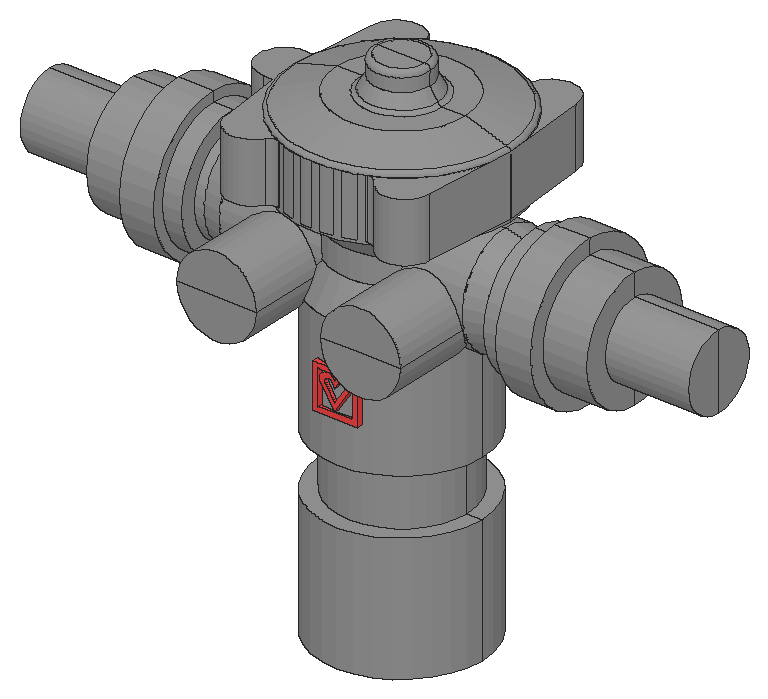
Revit family "Kombiventil 4006_R_SMART_LF_MF", category Rohrzubehör, Revit 2018
Family settings
  Bemaßung runder Anschluss = Durchmesser verwenden
  Teiletyp = Unterbricht
  OmniClass-Nummer = 23.65.55.14
  OmniClass-Titel = Valves for Liquid Services
  Arbeitsebenenbasiert = Nein
  Immer vertikal = Ja
  Beim Laden mit Abzugskörper schneiden = Nein
  Gemeinsam genutzt = Nein
Parameters (values of type "MF")
  min.Betriebstemperatur (reines Wasser) = 2 °C  # constant formula
  min.Betriebstemperatur (Frostschutz) = -20 °C  # constant formula
  max.Betriebstemperatur bis DN32 = 130 °C  # constant formula
  max.Betriebstemperatur ab DN40 = 110 °C  # constant formula
  max.Betriebsdruck = 1600000.0 Pa  # constant formula
  VRL01 = 30.000 mm  # constant formula
  V12 = 17.000 mm  # constant formula
  V10 = 7.000 mm  # constant formula
  V09 [instance] = L06 + 4.000 mm  # 11.000 mm
  V04 [instance] = V08 + 3.000 mm  # 13.000 mm
  V03 [instance] = V08 + 5.000 mm  # 15.000 mm
  V02 [instance] = V01 + 4.500 mm  # 12.000 mm
  V01 [instance] = Nennweite / 2  # 7.500 mm
  URL = "www.herz-armaturen.at"
  Stift = "Edelstahl 14301"  # constant formula
  SCRNSEQ = "ARM;ARM_TYP=\"DURR\";2"
  SCRNCODE = "05;04;02"  # constant formula
  S09 = 10.000 mm
  S08 = 30.000 mm
  S07 [instance] = H03 + 3.700 mm  # 10.051 mm
  S04 [instance] = V03 * 2  # 30.000 mm
  S01 [instance] = L01 + L02 + (VRL01 * 2)  # 135.000 mm
  R17 [instance] = size_lookup("4006R_S_LF_MF", "R17", 12.500 mm, Nennweite)  # 12.500 mm
  R16 [instance] = size_lookup("4006R_S_LF_MF", "R16", 16.500 mm, Nennweite)  # 16.500 mm
  R15 = 7.225 mm  # constant formula
  R14 = 8.070 mm  # constant formula
  R13 = 3.496 mm  # constant formula
  R12 = 6.800 mm  # constant formula
  R11 = 9.620 mm  # constant formula
  R10 = 6.800 mm  # constant formula
  R09 = 16.292 mm  # constant formula
  R08 = 13.212 mm  # constant formula
  R07 = 18.816 mm  # constant formula
  R06 = 22.000 mm  # constant formula
  R05 = 12.954 mm  # constant formula
  R04 = 7.193 mm  # constant formula
  R03 = 5.755 mm  # constant formula
  R02 = 4.670 mm  # constant formula
  R01 [instance] = size_lookup("4006R_S_LF_MF", "R01", 11.000 mm, Nennweite)  # 11.000 mm
  PN = 16  # constant formula
  O-Ringe = "EPDM"  # constant formula
  V08 [instance] = size_lookup("4006R_S_LF_MF", "N2", 10.000 mm, Nennweite)  # 10.000 mm
  Nennweite/2 [instance] = size_lookup("4006R_S_LF_MF", "N1", 8.000 mm, Nennweite)  # 9.000 mm
  Nennweite [instance] = 15.000 mm
  Membrangehäuse = "Messing CW602N"  # constant formula
  Membrane = "EPDM"  # constant formula
  Medium = "Wasserbeschaffenheit nach ÖNORM H 5195 und VDI 2035.\r\nDie Verwendung von Ethylen- und Propylenglykol ist im Mischungsverhältnis 25 - 50 Vol.- [%] zulässig."
  MF [instance] = yes
  LF [instance] = no
  L15 [instance] = size_lookup("4006R_S_LF_MF", "L15", 3.300 mm, Nennweite)  # 3.300 mm
  L14 [instance] = size_lookup("4006R_S_LF_MF", "L14", 43.477 mm, Nennweite)  # 43.477 mm
  L13 [instance] = size_lookup("4006R_S_LF_MF", "L13", 32.232 mm, Nennweite)  # 32.232 mm
  L12 [instance] = size_lookup("4006R_S_LF_MF", "L12", 6.497 mm, Nennweite)  # 6.497 mm
  L11 [instance] = size_lookup("4006R_S_LF_MF", "L11", 5.418 mm, Nennweite)  # 5.418 mm
  L10 [instance] = size_lookup("4006R_S_LF_MF", "L10", 12.434 mm, Nennweite)  # 12.434 mm
  L09 [instance] = size_lookup("4006R_S_LF_MF", "L09", 24.943 mm, Nennweite)  # 24.943 mm
  L08 [instance] = size_lookup("4006R_S_LF_MF", "L08", 28.260 mm, Nennweite)  # 28.260 mm
  L07 [instance] = size_lookup("4006R_S_LF_MF", "L07", 33.915 mm, Nennweite)  # 33.915 mm
  L06 = 7.000 mm  # constant formula
  L05 = 9.000 mm  # constant formula
  L04 = 21.000 mm  # constant formula
  L03 = 28.000 mm  # constant formula
  L02 = 34.000 mm  # constant formula
  L01 = 41.000 mm  # constant formula
  Impulsleitung = "Kupfer Cu-DHP (CW024A)"  # constant formula
  Hub = 4.000 mm  # constant formula
  Hersteller = "Herz-Armaturen GmbH"  # constant formula
  H04 = 12.000 mm  # constant formula
  H03 = 6.351 mm  # constant formula
  H02 [instance] = size_lookup("4006R_S_LF_MF", "H2", 69.000 mm, Nennweite)  # 69.000 mm
  H01 [instance] = size_lookup("4006R_S_LF_MF", "H1", 35.000 mm, Nennweite)  # 35.000 mm
  H [instance] = 112.553 mm  # constant formula
  Gehäuse = "DZR Messing CC770S"  # constant formula
  E20 = 108.221 mm  # constant formula
  E19 = 5.000 mm  # constant formula
  E18 = 5.150 mm  # constant formula
  E17 = 28.850 mm  # constant formula
  E16 = 23.700 mm  # constant formula
  E15 = 21.877 mm  # constant formula
  E14 = 20.506 mm  # constant formula
  E13 = 11.063 mm  # constant formula
  E12 = 9.001 mm  # constant formula
  E11 = 10.700 mm  # constant formula
  E10 = 20.427 mm  # constant formula
  E09 = 20.075 mm  # constant formula
  E08 = 20.825 mm  # constant formula
  E07 = 5.150 mm  # constant formula
  E06 = 17.921 mm  # constant formula
  E05 = 20.519 mm  # constant formula
  E04 = 19.704 mm  # constant formula
  E03 = 18.385 mm  # constant formula
  E02 = 20.014 mm  # constant formula
  E01 = 23.000 mm  # constant formula
  Druckfeder = "Federstahl"  # constant formula
  Bestellnummer Verschraubung [instance] = if(and(LF, Nennweite = 15.000 mm), 1621011, if(and(MF, Nennweite = 15.000 mm), 1621002, 0))  # 1621002
  Bestellnummer [instance] = if(and(LF, Nennweite = 15.000 mm), 1400660, if(and(MF, Nennweite = 15.000 mm), 1400669, 0))  # 1400669
  Bauschutzkappe = "Kunststoff"  # constant formula
  B09 = 7.998 mm  # constant formula
  B08 = 26.000 mm  # constant formula
  B07 = 30.908 mm  # constant formula
  B06 = 39.471 mm  # constant formula
  B05 = 40.933 mm  # constant formula
  B04 = 41.901 mm  # constant formula
  B03 = 44.372 mm  # constant formula
  B02 = 45.400 mm  # constant formula
  B01 = 50.000 mm  # constant formula
  Anwendungsgebiet = "Das Kombiventil wird in allen pumpenbetriebenen Heiz- und Kühlanlagen eingesetzt. Der Regler begrenzt automatisch\r\nden Volumenstrom im gewählten Anlagenteil auf den einmal eingestellten Wert, indem alle Druckschwankungen\r\ngemessen und ausgeregelt werden. Somit sind keine Messungen erforderlich und die Regelung ist bei allen\r\nBetriebsbedingungen effektiv. Das Kombiventil regelt den Volumenstrom der ventileigenen Voreinstellung auf einen\r\nkonstanten Wert; die Membran regelt aufgrund des Druckes unmittelbar nach dem Regeleinsatz, sowie des Druckes\r\ndavor."
Types (3, lengths in mm): name | MF | LF | Bestellnummer Verschraubung | Bestellnummer
  (no name) | yes | no | 1621002 | 1400669
  LF | no | yes | 1621011 | 1400660
  MF | yes | no | 1621002 | 1400669
Reference planes
  plane 1 "Mitte (Vorne/hinten)": y = 0
  plane 2: z = 0
  plane 3 "Mitte (Links/rechts)": x = 0
Forms (mm)
  Revolve 1, solid, material "Messing, weicher Gelbton, geschweißt", detail levels fine
    sketch origin (0, 0, 0) x (1, 0, 0) y (0, 0, 1)
      loop
        line (-41, 9) -> (-34, 9) -> (-34, 0) -> (27, 0) -> (27, 9) -> (34, 9) -> (34, 10) -> (25, 10) -> (21, 11) -> (-28, 11) -> (-32, 10) -> (-41, 10) -> (-41, 9)
      axis (-41, 0) -> (34, 0)
    angle from 0 to 360
  Revolve 2, solid, material "Messing, weicher Gelbton, geschweißt", detail levels fine
    sketch origin (0, 0, 0) x (1, 0, 0) y (0, 0, 1)
      loop
        line (0, -69) -> (16.292, -69) -> (16.292, -43.477) -> (13.212, -43.477) -> (13.212, -32.232) -> (16.292, -32.232) -> (16.292, -6.497) -> (13.212, 0.106) -> (13.212, 5.418) -> (18.816, 12.434) -> (22, 12.434) -> (22, 24.943)
        arc (22, 24.943) -> (21.752, 25.523) -> (21.223, 25.866) r 1.085
        line (21.223, 25.866) -> (12.954, 28.26) -> (8.134, 28.26)
        arc (8.134, 28.26) -> (7.591, 28.406) -> (7.193, 28.803) r 1.086
        line (7.193, 28.803) -> (5.755, 31.294) -> (5.755, 33.915)
        arc (5.755, 33.915) -> (5.437, 34.682) -> (4.67, 35) r 1.085
        line (4.67, 35) -> (0, 35) -> (0, -69)
      axis (0, 35) -> (0, -69)
    angle from 0 to 360
  Extrusion 3, solid, material "Messing, weicher Gelbton, geschweißt", detail levels fine
    sketch origin (0, 0, 28.917) x (1, 0, 0) y (0, 1, 0)
      loop
        arc (-20.506, 17.921) -> (-21.381, 11.556) -> (-21.877, 5.15) r 108.259
        line (-21.877, 5.15) -> (-23.7, 5.15)
        arc (-23.7, 5.15) -> (-27.342, 3.642) -> (-28.85, 0) r 5.15
        arc (-28.85, 0) -> (-27.342, -3.642) -> (-23.7, -5.15) r 5.15
        line (-23.7, -5.15) -> (-21.877, -5.15)
        arc (-21.877, -5.15) -> (-21.356, -11.79) -> (-20.427, -18.385) r 108.259
        arc (-20.427, -18.385) -> (-16.688, -23.223) -> (-11.063, -20.825) r 5
        arc (-11.063, -20.825) -> (-10.143, -20.146) -> (-9.001, -20.075) r 2.019
        arc (-9.001, -20.075) -> (0, -22.001) -> (9.001, -20.075) r 22.001
        arc (9.001, -20.075) -> (10.143, -20.145) -> (11.063, -20.825) r 2.019
        arc (11.063, -20.825) -> (16.688, -23.223) -> (20.427, -18.385) r 5
        arc (20.427, -18.385) -> (22, 0) -> (20.427, 18.385) r 108.221
        arc (20.427, 18.385) -> (16.253, 23.316) -> (10.7, 20.014) r 5
        arc (10.7, 20.014) -> (9.88, 19.699) -> (9.001, 19.704) r 2.379
        arc (9.001, 19.704) -> (0, 21.663) -> (-9.001, 19.704) r 21.663
        arc (-9.001, 19.704) -> (-10.161, 19.785) -> (-11.063, 20.519) r 1.927
        arc (-11.063, 20.519) -> (-16.774, 22.818) -> (-20.506, 17.921) r 5.079
    from -15.973 to -3.973
  Revolve 4, solid, material "Messing, weicher Gelbton, geschweißt", detail levels fine
    sketch origin (0, 0, -3.3) x (1, 0, 0) y (0, 1, 0)
      loop
        line (-16.5, -26) -> (-16.5, -7.998) -> (-24.57, -7.998) -> (-24.57, -26) -> (-16.5, -26)
      axis (-16.5, -7.998) -> (-16.5, -26)
    angle from 0 to 360
  Revolve 5, solid, material "Messing, weicher Gelbton, geschweißt", detail levels fine
    sketch origin (-4, 0, -3.3) x (-1, 0, 0) y (0, -1, 0)
      loop
        line (-16.5, 26) -> (-24.57, 26) -> (-24.57, 7.998) -> (-16.5, 7.998) -> (-16.5, 26)
      axis (-16.5, 7.998) -> (-16.5, 26)
    angle from 0 to 360
  Revolve 6, solid, material "Messing, weicher Gelbton, geschweißt", detail levels fine
    sketch origin (0, 0, 0) x (1, 0, 0) y (0, 0, 1)
      loop
        line (34, 0) -> (64, 0) -> (64, 7.5) -> (47, 7.5) -> (47, 12) -> (38, 12) -> (38, 15) -> (31, 15) -> (31, 13) -> (27, 13) -> (27, 10) -> (34, 10) -> (34, 0)
      axis (27, 0) -> (64, 0)
    angle from 0 to 360
  Revolve 7, solid, material "Messing, weicher Gelbton, geschweißt", detail levels fine
    sketch origin (-7, 0, 0) x (-1, 0, 0) y (0, 0, -1)
      loop
        line (34, 0) -> (34, -10) -> (27, -10) -> (27, -13) -> (31, -13) -> (31, -15) -> (38, -15) -> (38, -12) -> (47, -12) -> (47, -7.5) -> (64, -7.5) -> (64, 0) -> (34, 0)
      axis (27, 0) -> (64, 0)
    angle from 0 to 360
Lines and regions (mm)
  model lines, detail levels coarse+medium
    curve 1: line (67.5, -15, 0) -> (67.5, 15, 0)
    curve 2: line (67.5, 15, 0) -> (-67.5, -15, 0)
    curve 3: line (-67.5, -15, 0) -> (-67.5, 15, 0)
    curve 4: line (-67.5, 15, 0) -> (67.5, -15, 0)
    curve 5: line (-67.5, 14.673, 0) -> (0, -12.434, 0)
    curve 6: line (0, -12.434, 0) -> (67.5, 14.673, 0)
    curve 7: line (0, -12.434, 0) -> (0, -24.949, 0)
    curve 8: spline (-22, -29.974, 0) -> (-21.25, -28.674, 0) -> (-19.053, -27.462, 0) -> (-15.556, -26.421, 0) -> (-11, -25.622, 0) -> (-5.694, -25.12, 0) -> (0, -24.949, 0) -> (5.694, -25.12, 0) -> (11, -25.622, 0) -> (15.556, -26.421, 0) -> (19.053, -27.462, 0) -> (21.25, -28.674, 0) -> (22, -29.975, 0) -> (21.25, -31.275, 0) -> (19.053, -32.487, 0) -> (15.556, -33.528, 0) -> (11, -34.327, 0) -> (5.694, -34.829, 0) -> (0, -35, 0) -> (-5.694, -34.829, 0) -> (-11, -34.327, 0) -> (-15.556, -33.528, 0) -> (-19.053, -32.487, 0) -> (-21.25, -31.275, 0) -> (-22, -29.974, 0)
    curve 9: line (-67.5, 0, 15) -> (-67.5, 0, -15)
    curve 10: line (-67.5, 0, -15) -> (67.5, 0, 15)
    curve 11: line (67.5, 0, 15) -> (67.5, 0, -15)
    curve 12: line (67.5, 0, -15) -> (-67.5, 0, 15)
    curve 13: line (67.5, 0, -14.975) -> (0, 0, 12.434)
    curve 14: line (0, 0, 12.434) -> (-67.5, 0, -15)
    curve 15: line (0, 0, 12.434) -> (0, 0, 24.949)
    curve 16: spline (-22, 0, 29.975) -> (-21.25, 0, 31.275) -> (-19.053, 0, 32.487) -> (-15.556, 0, 33.528) -> (-11, 0, 34.327) -> (-5.694, 0, 34.829) -> (0, 0, 35) -> (5.694, 0, 34.829) -> (11, 0, 34.327) -> (15.556, 0, 33.528) -> (19.053, 0, 32.487) -> (21.25, 0, 31.275) -> (22, 0, 29.974) -> (21.25, 0, 28.674) -> (19.053, 0, 27.462) -> (15.556, 0, 26.421) -> (11, 0, 25.622) -> (5.694, 0, 25.12) -> (0, 0, 24.949) -> (-5.694, 0, 25.12) -> (-11, 0, 25.622) -> (-15.556, 0, 26.421) -> (-19.053, 0, 27.462) -> (-21.25, 0, 28.674) -> (-22, 0, 29.975)
  model lines
    curve 17: line (-67.5, 0, 15) -> (-77.5, 0, 15)
    curve 18: line (-77.5, 0, 15) -> (-67.5, 0, 0)
    curve 19: line (-67.5, 0, -15) -> (-77.5, 0, -15)
    curve 20: line (-77.5, 0, -15) -> (-67.5, 0, 0)
    curve 21: line (-67.5, 0, 0) -> (-97.5, 0, 0)
    curve 22: line (67.5, 0, 15) -> (77.5, 0, 15)
    curve 23: line (77.5, 0, 15) -> (67.5, 0, 0)
    curve 24: line (67.5, 0, 0) -> (97.5, 0, 0)
    curve 25: line (67.5, 0, -15) -> (77.5, 0, -15)
    curve 26: line (77.5, 0, -15) -> (67.5, 0, 0)
Dimensions and locks
  "H02": level to Revolve 2 sketch curve
  "L01": plane 3 "Mitte (Links/rechts)" to Revolve 1 sketch curve
  "V08": Revolve 1 sketch curve to Revolve 1 sketch curve  (x2)
  "Nennweite/2": Revolve 1 sketch curve to Revolve 1 sketch curve  (x2)
  "E01": plane 1 "Mitte (Vorne/hinten)" to Extrusion 3 sketch curve
  "L03": plane 3 "Mitte (Links/rechts)" to Revolve 1 sketch curve
  "L04": Revolve 1 sketch curve to plane 3 "Mitte (Links/rechts)"
  "L05": Revolve 1 sketch curve to Revolve 1 sketch curve  (x2)
  "L06": Revolve 1 sketch curve to Revolve 1 sketch curve  (x2)
  "L02": Revolve 1 sketch curve to plane 3 "Mitte (Links/rechts)"
  "H01": Revolve 2 sketch curve to level
  "R02": Revolve 2 sketch curve to Revolve 2 sketch curve
  "R03": Revolve 2 sketch curve to Revolve 2 sketch curve
  "R04": Revolve 2 sketch curve to Revolve 2 sketch curve
  "R05": Revolve 2 sketch curve to Revolve 2 sketch curve
  "R06": Revolve 2 sketch curve to Revolve 2 sketch curve
  "R07": Revolve 2 sketch curve to Revolve 2 sketch curve
  "R08": Revolve 2 sketch curve to Revolve 2 sketch curve  (x2)
  "R09": Revolve 2 sketch curve to Revolve 2 sketch curve  (x2)
  "L07": Revolve 2 sketch curve to plane 2
  "L08": Revolve 2 sketch curve to plane 2
  "L09": Revolve 2 sketch curve to plane 2
  "L10": Revolve 2 sketch curve to plane 2
  "L11": Revolve 2 sketch curve to plane 2
  "L12": plane 2 to Revolve 2 sketch curve
  "L13": plane 2 to Revolve 2 sketch curve
  "L14": plane 2 to Revolve 2 sketch curve
  "B08": plane 1 "Mitte (Vorne/hinten)" to Revolve 4 sketch curve
  "B09": Revolve 4 sketch curve to plane 1 "Mitte (Vorne/hinten)"
  "E02": plane 1 "Mitte (Vorne/hinten)" to Extrusion 3 sketch curve
  "E03": plane 1 "Mitte (Vorne/hinten)" to Extrusion 3 sketch curve
  "E04": plane 1 "Mitte (Vorne/hinten)" to Extrusion 3 sketch curve  (x2)
  "E05": plane 1 "Mitte (Vorne/hinten)" to Extrusion 3 sketch curve
  "E06": plane 1 "Mitte (Vorne/hinten)" to Extrusion 3 sketch curve
  "E07": plane 1 "Mitte (Vorne/hinten)" to Extrusion 3 sketch curve  (x2)
  "E03": Extrusion 3 sketch curve to plane 1 "Mitte (Vorne/hinten)"  (x2)
  "E08": Extrusion 3 sketch curve to plane 1 "Mitte (Vorne/hinten)"  (x2)
  "E09": Extrusion 3 sketch curve to plane 1 "Mitte (Vorne/hinten)"  (x2)
  "E07": Extrusion 3 sketch curve to plane 1 "Mitte (Vorne/hinten)"
  "E10": plane 3 "Mitte (Links/rechts)" to Extrusion 3 sketch curve  (x2)
  "E11": plane 3 "Mitte (Links/rechts)" to Extrusion 3 sketch curve
  "E12": plane 3 "Mitte (Links/rechts)" to Extrusion 3 sketch curve  (x2)
  "E12": Extrusion 3 sketch curve to plane 3 "Mitte (Links/rechts)"  (x2)
  "E13": Extrusion 3 sketch curve to plane 3 "Mitte (Links/rechts)"  (x2)
  "E14": Extrusion 3 sketch curve to plane 3 "Mitte (Links/rechts)"
  "E15": Extrusion 3 sketch curve to plane 3 "Mitte (Links/rechts)"  (x2)
  "E16": Extrusion 3 sketch curve to plane 3 "Mitte (Links/rechts)"  (x2)
  "E17": Extrusion 3 sketch curve to plane 3 "Mitte (Links/rechts)"
  "E10": Extrusion 3 sketch curve to plane 3 "Mitte (Links/rechts)"
  "E13": plane 3 "Mitte (Links/rechts)" to Extrusion 3 sketch curve
  "H03": Revolve 2 to Extrusion 3
  "H04": Extrusion 3 to Extrusion 3
  "R01": Revolve 1 sketch curve to Revolve 1 sketch curve
  "R16": Revolve 4 sketch curve to plane 3 "Mitte (Links/rechts)"
  "R17": plane 3 "Mitte (Links/rechts)" to Revolve 5 sketch curve
  "L06": Revolve 6 sketch curve to Revolve 6 sketch curve
  "V09": Revolve 6 sketch curve to Revolve 6 sketch curve
  "V10": Revolve 6 sketch curve to Revolve 6 sketch curve
  "V12": Revolve 6 sketch curve to Revolve 6 sketch curve
  "V01": Revolve 6 sketch curve to plane 2
  "V02": Revolve 6 sketch curve to plane 2
  "V08": Revolve 6 sketch curve to plane 2
  "V04": Revolve 6 sketch curve to plane 2
  "V03": Revolve 6 sketch curve to plane 2
  "L02": plane 3 "Mitte (Links/rechts)" to Revolve 6 sketch curve
  "L06": Revolve 7 sketch curve to Revolve 7 sketch curve
  "V09": Revolve 7 sketch curve to Revolve 7 sketch curve
  "V10": Revolve 7 sketch curve to Revolve 7 sketch curve
  "V12": Revolve 7 sketch curve to Revolve 7 sketch curve
  "V01": Revolve 7 sketch curve to plane 2
  "V02": Revolve 7 sketch curve to plane 2
  "V08": Revolve 7 sketch curve to plane 2
  "V04": Revolve 7 sketch curve to plane 2
  "V03": Revolve 7 sketch curve to plane 2
  "L01": Revolve 7 sketch curve to plane 3 "Mitte (Links/rechts)"
  "VRL01": Revolve 7 sketch curve to Revolve 7 sketch curve
  "VRL01": Revolve 6 sketch curve to Revolve 6 sketch curve
  equal spacing: curve 3, plane 3 "Mitte (Links/rechts)", curve 1
  "S01": curve 3 to curve 1
  "S04": curve 2 to curve 4
  "S04": curve 4 to curve 3
  "L10": curve 7 to plane 1 "Mitte (Vorne/hinten)"
  "R06": curve 8 to plane 3 "Mitte (Links/rechts)" to curve 8
  "S07": curve 8 to curve 8
  "H01": curve 8 to plane 1 "Mitte (Vorne/hinten)"
  equal spacing: curve 3, plane 1 "Mitte (Vorne/hinten)", curve 4
  equal spacing: curve 4, plane 1 "Mitte (Vorne/hinten)", curve 2
  "S01": curve 9 to curve 11
  "S04": curve 12 to curve 14
  "S04": curve 11 to curve 12
  equal spacing: curve 9, plane 3 "Mitte (Links/rechts)", curve 11
  equal spacing: curve 11, plane 2, curve 12
  equal spacing: curve 12, plane 2, curve 14
  "R06": curve 16 to plane 3 "Mitte (Links/rechts)" to curve 16
  "L10": curve 15 to plane 2
  "H01": curve 16 to plane 2
  "S07": curve 16 to curve 16
  "S08": curve 21 to curve 9
  "S09": curve 20 to curve 9
  "S09": curve 18 to curve 9
  "S09": curve 11 to curve 23
  "S08": curve 11 to curve 24
  "S09": curve 11 to curve 26
  "V03": curve 17 to plane 2 to curve 19
  "V03": curve 22 to plane 2 to curve 25
  "E18": radius of Extrusion 3 sketch curve  (x2)
  "E19": radius of Extrusion 3 sketch curve  (x3)
  "E20": radius of Extrusion 3 sketch curve
  aligned and locked: level to plane 2
Automatic sketch dimensions
  curve 18 to level = 0.000 mm
  curve 24 to level = 0.000 mm
  curve 17 to curve 18 = 10.000 mm
  curve 24 to curve 22 = 10.000 mm
  curve 17 to curve 17 = 10.000 mm
  curve 19 to curve 19 = 10.000 mm
  curve 22 to curve 22 = 10.000 mm
  curve 25 to curve 25 = 10.000 mm
  curve 6 to plane 3 "Mitte (Links/rechts)" = 0.000 mm
  curve 6 to curve 1 = 0.327 mm
  curve 5 to curve 3 = 0.327 mm
  Revolve 1 sketch curve to level = 0.000 mm  (x2)
  Revolve 1 sketch curve to Revolve 1 sketch curve = 1307.458 mm
  Revolve 1 sketch curve to Revolve 1 sketch curve = 1854.450 mm
  Revolve 2 sketch curve to plane 3 "Mitte (Links/rechts)" = 0.000 mm  (x2)
  Revolve 2 sketch curve to Revolve 2 sketch curve = 0.941 mm
  Revolve 2 sketch curve to Revolve 2 sketch curve = 1.078 mm
  Revolve 2 sketch curve to Revolve 2 sketch curve = 0.302 mm
  level to Revolve 2 sketch curve = 0.106 mm
  Revolve 2 sketch curve to Revolve 2 sketch curve = 0.119 mm
  Revolve 2 sketch curve to Revolve 2 sketch curve = 0.543 mm
  Revolve 2 sketch curve to Revolve 2 sketch curve = 2.621 mm
  Revolve 2 sketch curve to Revolve 2 sketch curve = 297.045 mm
  Revolve 2 sketch curve to Revolve 2 sketch curve = 2179.315 mm
  Extrusion 3 sketch curve to Extrusion 3 sketch curve = 0.000 mm  (x4)
  plane 1 "Mitte (Vorne/hinten)" to Extrusion 3 sketch curve = 0.000 mm
  Extrusion 3 sketch curve to Extrusion 3 sketch curve = 1.610 mm  (x2)
  Extrusion 3 sketch curve to Extrusion 3 sketch curve = 0.451 mm
  Extrusion 3 sketch curve to Extrusion 3 sketch curve = 0.452 mm
  Revolve 4 sketch curve to Revolve 4 sketch curve = 0.000 mm  (x3)
  Revolve 4 sketch curve to Revolve 4 sketch curve = 8.070 mm
  Revolve 5 sketch curve to Revolve 5 sketch curve = 0.000 mm  (x3)
  Revolve 5 sketch curve to Revolve 5 sketch curve = 8.070 mm
  plane 1 "Mitte (Vorne/hinten)" to Revolve 5 sketch curve = 7.998 mm
  Revolve 5 sketch curve to Revolve 5 sketch curve = 18.002 mm
  Revolve 6 sketch curve to level = 0.000 mm  (x2)
  Revolve 6 sketch curve to Revolve 6 sketch curve = 0.000 mm  (x2)
  Revolve 7 sketch curve to level = 0.000 mm  (x2)
  Revolve 7 sketch curve to Revolve 7 sketch curve = 0.000 mm  (x2)
  curve 14 to plane 3 "Mitte (Links/rechts)" = 0.000 mm
  curve 10 to curve 14 = 0.000 mm
  curve 11 to curve 13 = 0.025 mm
Nested families
  nested 1: "Herz-Logo-vorne" at (0, -16.056, -19.148) x (0, 1, 0) z (0, 0, 1), type "Herz-Logo-vorne", detail levels fine
Connectors
  piping at (64, 0, 0), diameter 15, driven by "Nennweite"
    settings: on Revolve 6, index 1, connector inside diameter 609.6 mm, connector length 0.000 mm, flow factor 0, pipe flow 0.0 L/s, pressure drop 0.0 Pa, fitting loss kfactor 0, connector angle 0.00°, fixture units 0, engagement length 0.000 mm, angle of deflection 0.00°, flow configuration 0, flow direction 2, fitting loss method 0, system type 29, joint type 0, gender type 0, connector reference index -1, connector utility 0, adjustable connector no, is connector primary yes, connector description ""
  piping at (-71, 0, 0), diameter 15, driven by "Nennweite"
    settings: on Revolve 7, index 2, connector inside diameter 609.6 mm, connector length 0.000 mm, flow factor 0, pipe flow 0.0 L/s, pressure drop 0.0 Pa, fitting loss kfactor 0, connector angle 0.00°, fixture units 0, engagement length 0.000 mm, angle of deflection 0.00°, flow configuration 0, flow direction 1, fitting loss method 0, system type 29, joint type 0, gender type 0, connector reference index -1, connector utility 0, adjustable connector no, is connector primary no, connector description ""
Definition of nested family "Herz-Logo-vorne"
  Reference planes
    plane 1 "Mitte (Vorne/hinten)": y = 0
    plane 2: z = 0
    plane 3 "Mitte (Links/rechts)": x = 0
  Forms (mm)
    Extrusion 1, solid
      sketch origin (0.732, -0.018, 0.017) x (0, -1, 0) y (0, 0, 1)
        loop
          line (-0.018, -4.517) -> (4.482, -4.517) -> (4.482, 4.483) -> (-4.518, 4.483) -> (-4.518, -4.517) -> (-0.018, -4.517)
        loop
          line (-0.05, -3.48) -> (3.482, -3.48) -> (3.482, 3.483) -> (-3.518, 3.483) -> (-3.518, -3.48) -> (-0.05, -3.48)
        loop
          arc (-0.018, 2.383) -> (-1.543, 3.287) -> (-3.067, 2.383) r 1.738
          arc (-3.067, 2.383) -> (-3.191, 1.899) -> (-3.067, 1.415) r 1.009
          line (-3.067, 1.415) -> (-0.018, -3.281) -> (3.032, 1.415)
          arc (3.032, 1.415) -> (3.156, 1.899) -> (3.032, 2.383) r 1.009
          arc (3.032, 2.383) -> (1.507, 3.287) -> (-0.018, 2.383) r 1.738
        loop
          arc (1.885, 1.272) -> (2.005, 1.675) -> (1.885, 2.079) r 0.74
          arc (1.885, 2.079) -> (1.265, 2.416) -> (0.644, 2.079) r 0.74
          line (0.644, 2.079) -> (-0.018, 0.97) -> (-0.679, 2.079)
          arc (-0.679, 2.079) -> (-1.3, 2.416) -> (-1.921, 2.079) r 0.74
          arc (-1.921, 2.079) -> (-2.04, 1.675) -> (-1.921, 1.272) r 0.74
          line (-1.921, 1.272) -> (-0.018, -1.658) -> (1.885, 1.272)
      from 0 to 1.5
  Dimensions and locks
    aligned and locked: level to plane 2
